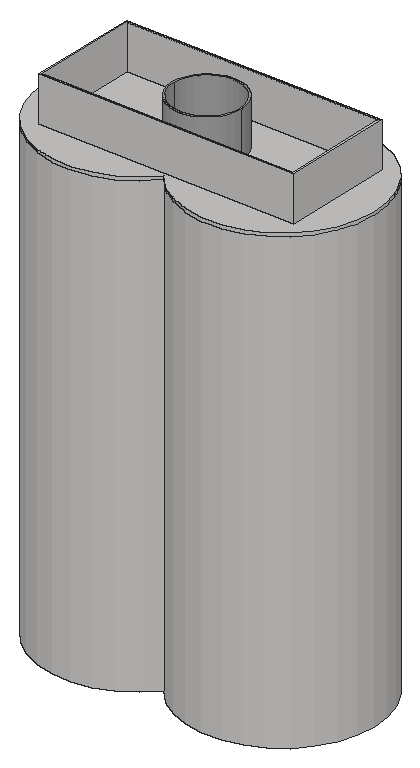
Revit family "Eclissi Island Hood", category Generic Models, Revit 2012
Parameters
  Venting Properties = "800 MC/H"
  Switches for hood [instance] = Switches for hood
  Stainless Steel Hood material [instance] = Stainless Steel Hood Material
  Availability = "www.rest-agio.com"
Reference planes (cm)
  plane 1 "Center (Front/Back)": y = 0
  plane 2: z = 0
  plane 3 "Center (Left/Right)": x = 0
Forms (cm)
  Extrusion 1, solid, material "Stainless Steel Hood Material" <- "Stainless Steel Hood material"
    sketch origin (-14.6815, -0.0655, 0) x (1, 0, 0) y (0, 1, 0)
      loop
        arc (15.5, 12.6392) -> (-20, 0) -> (15.5, -12.6392) r 20
        arc (15.5, -12.6392) -> (15.4485, -12.5758) -> (15.3972, -12.5121) r 20
        arc (15.3972, -12.5121) -> (-19.84, 0) -> (15.3972, 12.5121) r 19.84
        arc (15.3972, 12.5121) -> (15.4485, 12.5758) -> (15.5, 12.6392) r 20
    from 165 to 264
  Extrusion 2, solid, material "Stainless Steel Hood Material" <- "Stainless Steel Hood material"
    sketch origin (16.3185, -0.0655, 0) x (-1, 0, 0) y (0, -1, 0)
      loop
        line (15.6028, -12.5121) -> (15.489, -12.3983)
        arc (15.489, -12.3983) -> (-19.84, 0.0089) -> (15.5001, 12.3843) r 19.84
        arc (15.5001, 12.3843) -> (15.5513, 12.4483) -> (15.6028, 12.5121) r 19.5
        arc (15.6028, 12.5121) -> (-20, 0) -> (15.6028, -12.5121) r 20
    from 165 to 264
  Extrusion 3, solid, material "Stainless Steel Hood Material" <- "Stainless Steel Hood material"
    sketch origin (0.8185, -0.0655, 0) x (1, 0, 0) y (0, 1, 0)
      loop
        line (-27.5, 11.875) -> (-27.5, -11.875) -> (27.5, -11.875) -> (27.5, 11.875) -> (-27.5, 11.875)
      loop
        line (27, 11.535) -> (-27.16, 11.535) -> (-27.16, -11.535) -> (27, -11.535) -> (27, 11.535)
    from 264.69 to 274.32
  Extrusion 4, solid, material "Switches for hood" <- "Switches for hood"
    sketch origin (0, 0, 0) x (1, 0, 0) y (0, 1, 0)
      loop
        circle (0, 0) r 7.5
      loop
        circle (0, 0) r 7.16
    from 256.6636 to 274.32
  Extrusion 5, solid, material "Stainless Steel Hood Material" <- "Stainless Steel Hood material"
    sketch origin (0, 0, 0) x (1, 0, 0) y (0, 1, 0)
      loop
        circle (0, 0) r 7.5
      loop
        arc (0.8185, -12.7047) -> (36.3185, -0.0655) -> (0.8185, 12.5738) r 20
        arc (0.8185, 12.5738) -> (-34.6815, -0.0655) -> (0.8185, -12.7047) r 20
    from 264 to 264.69
  Extrusion 6, solid, material "Stainless Steel Hood Material" <- "Stainless Steel Hood material"
    sketch origin (0, 0, 0) x (1, 0, 0) y (0, 1, 0)
      loop
        arc (0.8185, 11.7667) -> (-34.1815, -0.0655) -> (0.8185, -11.8976) r 19.5
        arc (0.8185, -11.8976) -> (35.8185, -0.0655) -> (0.8185, 11.7667) r 19.5
    from 175 to 175.5
  Extrusion 7, solid, material "Stainless Steel Hood Material" <- "Stainless Steel Hood material"
    sketch origin (0, 0, 0) x (1, 0, 0) y (0, 1, 0)
      loop
        arc (3.1494, 9.8755) -> (10.2407, -0.0413) -> (3.0709, -9.9016) r 10.4221
        arc (3.0709, -9.9016) -> (32.8184, -0.1309) -> (3.1494, 9.8755) r 16.5
      loop
        arc (-1.7426, -10.3045) -> (-10.6033, -0.047) -> (-1.8356, 10.2899) r 10.4221
        arc (-1.8356, 10.2899) -> (-31.1813, -0.1399) -> (-1.7426, -10.3045) r 16.5
    from 168 to 168.16
  Extrusion 8, solid, material "Stainless Steel Hood Material" <- "Stainless Steel Hood material"
    sketch origin (0, 0, 0) x (1, 0, 0) y (0, 1, 0)
      loop
        line (10.9301, 7.5292) -> (-11.2927, 7.5292)
        arc (-11.2927, 7.5292) -> (-13.6034, 0) -> (-11.2927, -7.5292) r 13.4221
        line (-11.2927, -7.5292) -> (10.9301, -7.5292)
        arc (10.9301, -7.5292) -> (13.2408, 0) -> (10.9301, 7.5292) r 13.4221
    from 170 to 170.16
  Extrusion 9, solid, material "Switches for hood" <- "Switches for hood"
    sketch origin (0, 0, 0) x (1, 0, 0) y (0, 1, 0)
      loop
        line (-0.1813, 0.5) -> (-1.1813, 0.5) -> (-1.1813, 0) -> (-1.1813, -0.5) -> (-0.1813, -0.5) -> (0.8187, -0.5) -> (0.8187, 0) -> (0.8187, 0.5) -> (-0.1813, 0.5)
    from 169.75 to 170
  Extrusion 10, solid, material "Switches for hood" <- "Switches for hood"
    sketch origin (2.5, 0, 0) x (1, 0, 0) y (0, 1, 0)
      loop
        line (-0.1813, 0.5) -> (-1.1813, 0.5) -> (-1.1813, 0) -> (-1.1813, -0.5) -> (-0.1813, -0.5) -> (0.8187, -0.5) -> (0.8187, 0) -> (0.8187, 0.5) -> (-0.1813, 0.5)
    from 169.75 to 170
  Extrusion 11, solid, material "Switches for hood" <- "Switches for hood"
    sketch origin (5, 0, 0) x (1, 0, 0) y (0, 1, 0)
      loop
        line (-0.1813, 0.5) -> (-1.1813, 0.5) -> (-1.1813, 0) -> (-1.1813, -0.5) -> (-0.1813, -0.5) -> (0.8187, -0.5) -> (0.8187, 0) -> (0.8187, 0.5) -> (-0.1813, 0.5)
    from 169.75 to 170
  Extrusion 12, solid, material "Switches for hood" <- "Switches for hood"
    sketch origin (-2.8626, 0, 0) x (-1, 0, 0) y (0, -1, 0)
      loop
        line (-0.1813, -0.5) -> (0.8187, -0.5) -> (0.8187, 0) -> (0.8187, 0.5) -> (-0.1813, 0.5) -> (-1.1813, 0.5) -> (-1.1813, 0) -> (-1.1813, -0.5) -> (-0.1813, -0.5)
    from 169.75 to 170
  Extrusion 13, solid, material "Switches for hood" <- "Switches for hood"
    sketch origin (-5.3626, 0, 0) x (-1, 0, 0) y (0, -1, 0)
      loop
        line (-0.1813, -0.5) -> (0.8187, -0.5) -> (0.8187, 0) -> (0.8187, 0.5) -> (-0.1813, 0.5) -> (-1.1813, 0.5) -> (-1.1813, 0) -> (-1.1813, -0.5) -> (-0.1813, -0.5)
    from 169.75 to 170
Cuts and joins
  joined: Extrusion 1, Extrusion 2, Extrusion 5
Dimensions and locks (cm)
  plane 3 "Center (Left/Right)" to Extrusion 3 = 28.3185 cm
  aligned and locked: plane 2 to level
Nested families (cm)
  nested 1: "CookingHood_Light" at (-0.1813, 4.9015, 32.84), type "CookingHood_Light"
  nested 2: "CookingHood_Light" at (-0.1813, -4.9015, 32.84), type "CookingHood_Light"
Definition of nested family "CookingHood_Light"
  Parameters (values of type "CookingHood_Light")
    Wattage = 5.38568 W
    built-in parameter 1150110 = 1 (stored number, unit not read)
    built-in parameter 1114217 = 1 (stored number, unit not read)
    built-in parameter 1150109 = 1 (stored number, unit not read)
    built-in parameter 1150134 = (empty or 0)
    built-in parameter 1150113 = 1 (stored number, unit not read)
    Lumens = 800 lm
    built-in parameter 1010506 = 0.5236 (stored number, unit not read)
    built-in parameter 1010507 = 1.0472 (stored number, unit not read)
    Tilt Angle = 90.00°
    built-in parameter 1150115 = 1 (stored number, unit not read)
    built-in parameter 1150105 = 2674.9 (stored number, unit not read)
    Light Source Symbol Length = 60.96 cm
    built-in parameter 1150137 = (empty or 0)
    built-in parameter 1150139 = (empty or 0)
    built-in parameter 1150112 = 1 (stored number, unit not read)
    built-in parameter 1150114 = 1 (stored number, unit not read)
    built-in parameter 1150132 = 2
    built-in parameter 1150102 = (empty or 0)
    built-in parameter 1150138 = (empty or 0)
    built-in parameter 1150107 = 3000 (stored number, unit not read)
    built-in parameter 1150106 = 26.749 (stored number, unit not read)
    built-in parameter 1150104 = 13.8 (stored number, unit not read)
    Dimming Lamp Color Temperature Shift = (empty or 0)
    Color Filter = 16777215
    built-in parameter 1114218 = 1 (stored number, unit not read)
    built-in parameter 1150133 = 10 (stored number, unit not read)
  Reference planes (cm)
    plane 1 "Tilt Plane": y = 0
    plane 2: z = 0
    plane 3 "Light Source Axis (L/R)": x = 0
    plane 4 "Light Source Elevation": z = 137.16
  Forms (cm)
    Revolve 1, solid
      sketch origin (0, 0, 0) x (1, 0, 0) y (0, 0, 1)
        loop
          line (-1.7393, 137.3151) -> (-1.905, 137.3151) -> (-1.905, 137.16) -> (-1.5875, 137.16)
          arc (-1.5875, 137.16) -> (-1.1225, 138.2825) -> (0, 138.7475) r 1.5875
          line (0, 138.7475) -> (0, 138.9062)
          arc (0, 138.9062) -> (-1.1787, 138.4485) -> (-1.7393, 137.3151) r 1.7463
        axis (0, 137.16) -> (0, 138.9062)
      angle from 0 to 360
  Text (cm)
    text "0 Tilt Angle" at (80.9978, -457.2, 158.6413), in view "Front"
    text "270" at (-33.1585, -457.2, 248.8248), in view "Front"
    text "180" at (-113.068, -457.2, 158.6413), in view "Front"
    text "90" at (-32.0169, -457.2, 45.6265), in view "Front"
    text "0 Tilt Angle" at (195.2354, 457.2, 154.298), in view "Back"
    text "180" at (-87.6627, 457.2, 152.4796), in view "Back"
    text "270" at (36.7014, 457.2, 269.8908), in view "Back"
    text "90" at (30.4215, 457.2, 66.6926), in view "Back"
  Dimensions and locks (cm)
    locked: plane 3 "Light Source Axis (L/R)" to Revolve 1 sketch curve at 1.905
    aligned and locked: plane 3 "Light Source Axis (L/R)" to imposter light
    aligned and locked: plane 1 "Tilt Plane" to imposter light
    aligned and locked: plane 4 "Light Source Elevation" to imposter light
    aligned and locked: imposter light to Revolve 1 sketch curve
